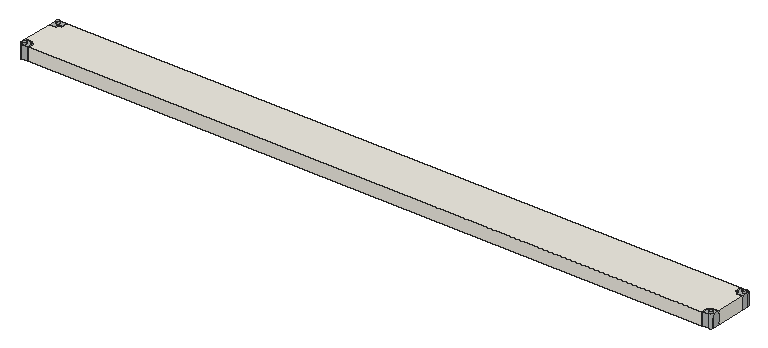
Revit family "HIGHTECH", category Осветительные приборы, Revit 2019 (continued)
Types (32, lengths in mm): name | Файл фотометрической сетки | built-in parameter 1150105 | Lumens | built-in parameter 1150106 | built-in parameter 1150142 | Wattage | Emit from Rectangle Width | Emit from Rectangle Length | Длина | Ширина | ADSK_Ток | ADSK_Полная мощность | ADSK_Обозначение | ADSK_Номинальная мощность | ADSK_Наименование | ADSK_Масса | ADSK_Код изделия
  Hightech-38/opal-sand 295х1195 (IP40, 4000К, белый) c БАП на 1 час | "Светильник HIGHTECH-38 OPAL-SAND-(295x1195).ies" | 302.39 (stored number, unit not read) | 3800 lm | 3.0239 (stored number, unit not read) | "IESNA:LM-63-1995\r\n[TEST] Протокол №334/16 от 03.11.2016г. Испытательная лаборатория Государственного предприятия \"ЦСОТ НАН Беларуси\"\r\n[MORE] FFFFFFFD255B12BA015C13F525FB5F2F2\r\n[DATA] 02.11.2016\r\n[MANUFAC] ЗАО \"Центрстройсвет\"\r\n[LUMCAT] Светильник HIGHTECH-38/OPAL-SAND-(295X1195)\r\n[LUMINAIRE] офисное освещение\r\n[LAMP] \r\nTILT=NONE\r\n1    -1.0   1.000 91 181 1 2   0.295   1.195   0.04\r\n1.0  1.0   37.90\r\n0.0 2.0 4.0 6.0 8.0 10.0 12.0 14.0 16.0 18.0 20.0 22.0 24.0 26.0 28.0 30.0 32.0 34.0 36.0 38.0 40.0 42.0 44.0 46.0 48.0 50.0 52.0 54.0 56.0 58.0 60.0 62.0 64.0 66.0 68.0 70.0 72.0 74.0 76.0 78.0 80.0 82.0 84.0 86.0 88.0 90.0 92.0 94.0 96.0 98.0 100.0 102.0 104.0 106.0 108.0 110.0 112.0 114.0 116.0 118.0 120.0 122.0 124.0 126.0 128.0 130.0 132.0 134.0 136.0 138.0 140.0 142.0 144.0 146.0 148.0 150.0 152.0 154.0 156.0 158.0 160.0 162.0 164.0 166.0 168.0 170.0 172.0 174.0 176.0 178.0 180.0 \r\n0.0 2.0 4.0 6.0 8.0 10.0 12.0 14.0 16.0 18.0 20.0 22.0 24.0 26.0 28.0 30.0 32.0 34.0 36.0 38.0 40.0 42.0 44.0 46.0 48.0 50.0 52.0 54.0 56.0 58.0 60.0 62.0 64.0 66.0 68.0 70.0 72.0 74.0 76.0 78.0 80.0 82.0 84.0 86.0 88.0 90.0 92.0 94.0 96.0 98.0 100.0 102.0 104.0 106.0 108.0 110.0 112.0 114.0 116.0 118.0 120.0 122.0 124.0 126.0 128.0 130.0 132.0 134.0 136.0 138.0 140.0 142.0 144.0 146.0 148.0 150.0 152.0 154.0 156.0 158.0 160.0 162.0 164.0 166.0 168.0 170.0 172.0 174.0 176.0 178.0 180.0 182.0 184.0 186.0 188.0 190.0 192.0 194.0 196.0 198.0 200.0 202.0 204.0 206.0 208.0 210.0 212.0 214.0 216.0 218.0 220.0 222.0 224.0 226.0 228.0 230.0 232.0 234.0 236.0 238.0 240.0 242.0 244.0 246.0 248.0 250.0 252.0 254.0 256.0 258.0 260.0 262.0 264.0 266.0 268.0 270.0 272.0 274.0 276.0 278.0 280.0 282.0 284.0 286.0 288.0 290.0 292.0 294.0 296.0 298.0 300.0 302.0 304.0 306.0 308.0 310.0 312.0 314.0 316.0 318.0 320.0 322.0 324.0 326.0 328.0 330.0 332.0 334.0 336.0 338.0 340.0 342.0 344.0 346.0 348.0 350.0 352.0 354.0 356.0 358.0 360.0 \r\n1417.637 1416.354 1411.816 1405.303 1395.733 1384.288 1370.276 1353.307 1334.658 1313.741 1290.456 1264.901 1237.669 1208.563 1177.582 1144.923 1111.476 1076.252 \r\n1039.646 1001.857 963.476 923.417 883.260 842.018 801.072 758.644 716.317 673.693 630.576 587.064 543.749 500.435 457.614 414.891 371.972 330.137 289.191 248.836 209.765 171.778 \r\n133.693 99.653 67.389 36.901 9.077 0.592 0.592 0.592 0.493 0.493 0.493 0.493 0.493 0.493 0.493 0.493 0.395 0.395 0.395 0.395 0.395 0.395 0.395 0.296 0.296 0.296 0.296 0.296 0.296 0.296 0.296 0.197 \r\n0.197 0.197 0.197 0.197 0.197 0.197 0.197 0.098 0.098 0.098 0.098 0.098 0.098 0.098 0.098 0.000 0.000 0.000 0.000 \r\n1417.637 1416.453 1411.914 1405.402 1395.930 1384.583 1370.671 1353.701 1335.053 1314.234 1290.850 1265.395 1238.261 1209.155 1178.075 1145.515 1112.067 1076.844 \r\n1040.239 1002.548 964.167 924.207 883.951 842.708 801.762 759.336 717.008 674.383 631.267 587.755 544.441 501.126 458.206 415.385 372.465 330.631 289.585 249.231 210.160 172.172 \r\n134.088 99.949 67.685 37.198 9.275 0.592 0.592 0.592 0.493 0.493 0.493 0.493 0.493 0.493 0.493 0.493 0.395 0.395 0.395 0.395 0.395 0.395 0.395 0.296 0.296 0.296 0.296 0.296 0.296 0.296 0.296 0.197 \r\n0.197 0.197 0.197 0.197 0.197 0.197 0.197 0.098 0.098 0.098 0.098 0.098 0.098 0.098 0.098 0.000 0.000 0.000 0.000 \r\n1417.637 1416.453 1412.013 1405.600 1396.226 1384.781 1370.968 1354.095 1335.448 1314.629 1291.344 1265.888 1238.754 1209.648 1178.667 1146.206 1112.758 1077.534 \r\n1040.929 1003.140 964.857 924.898 884.740 843.400 802.453 760.026 717.698 674.976 631.859 588.446 545.032 501.718 458.798 415.977 373.057 331.124 290.079 249.625 210.553 172.567 \r\n134.383 100.245 67.883 37.394 9.472 0.592 0.592 0.592 0.493 0.493 0.493 0.493 0.493 0.493 0.493 0.493 0.395 0.395 0.395 0.395 0.395 0.395 0.395 0.296 0.296 0.296 0.296 0.296 0.296 0.296 0.296 0.197 \r\n0.197 0.197 0.197 0.197 0.197 0.197 0.197 0.098 0.098 0.098 0.098 0.098 0.098 0.098 0.098 0.000 0.000 0.000 0.000 \r\n1417.637 1416.551 1412.111 1405.796 1396.423 1385.077 1371.264 1354.391 1335.842 1315.024 1291.837 1266.382 1239.248 1210.240 1179.259 1146.798 1113.350 1078.126 \r\n1041.620 1003.831 965.548 925.588 885.431 844.090 803.143 760.717 718.389 675.666 632.549 589.038 545.723 502.310 459.390 416.569 373.550 331.617 290.474 250.119 210.948 172.863 \r\n134.679 100.541 68.178 37.591 9.669 0.592 0.592 0.592 0.493 0.493 0.493 0.493 0.493 0.493 0.493 0.493 0.395 0.395 0.395 0.395 0.395 0.395 0.395 0.296 0.296 0.296 0.296 0.296 0.296 0.296 0.296 0.197 \r\n0.197 0.197 0.197 0.197 0.197 0.197 0.197 0.098 0.098 0.098 0.098 0.098 0.098 0.098 0.098 0.000 0.000 0.000 0.000 \r\n1417.637 1416.551 1412.309 1405.895 1396.621 1385.373 1371.559 1354.786 1336.237 1315.419 1292.232 1266.875 1239.742 1210.733 1179.851 1147.390 1113.942 1078.816 \r\n1042.310 1004.521 966.238 926.279 886.121 844.879 803.834 761.408 719.080 676.357 633.240 589.728 546.315 502.902 459.982 417.062 374.043 332.110 290.967 250.513 211.343 173.258 \r\n135.074 100.837 68.376 37.888 9.965 0.592 0.592 0.592 0.493 0.493 0.493 0.493 0.493 0.493 0.493 0.493 0.395 0.395 0.395 0.395 0.395 0.395 0.395 0.296 0.296 0.296 0.296 0.296 0.296 0.296 0.296 0.197 \r\n0.197 0.197 0.197 0.197 0.197 0.197 0.197 0.098 0.098 0.098 0.098 0.098 0.098 0.098 0.098 0.000 0.000 0.000 0.000 \r\n1417.637 1416.650 1412.407 1406.093 1396.917 1385.669 1371.954 1355.181 1336.632 1315.912 1292.725 1267.368 1240.334 1211.325 1180.443 1147.982 1114.633 1079.409 \r\n1042.903 1005.212 966.929 926.969 886.812 845.569 804.524 762.098 719.770 677.048 633.832 590.320 546.907 503.494 460.574 417.654 374.636 332.603 291.460 250.908 211.738 173.653 \r\n135.371 101.133 68.671 38.086 10.163 0.592 0.592 0.592 0.493 0.493 0.493 0.493 0.493 0.493 0.493 0.493 0.395 0.395 0.395 0.395 0.395 0.395 0.395 0.296 0.296 0.296 0.296 0.296 0.296 0.296 0.296 0.197 \r\n0.197 0.197 0.197 0.197 0.197 0.197 0.197 0.098 0.098 0.098 0.098 0.098 0.098 0.098 0.098 0.000 0.000 0.000 0.000 \r\n1417.637 1416.650 1412.506 1406.191 1397.114 1385.866 1372.250 1355.576 1337.027 1316.307 1293.218 1267.861 1240.827 1211.918 1181.035 1148.672 1115.225 1080.099 \r\n1043.593 1005.902 967.620 927.660 887.503 846.260 805.215 762.789 720.461 677.739 634.523 591.011 547.598 504.086 461.166 418.247 375.129 333.098 291.855 251.401 212.132 173.948 \r\n135.666 101.429 68.968 38.381 10.360 0.592 0.592 0.592 0.493 0.493 0.493 0.493 0.493 0.493 0.493 0.493 0.395 0.395 0.395 0.395 0.395 0.395 0.395 0.296 0.296 0.296 0.296 0.296 0.296 0.296 0.296 0.197 \r\n0.197 0.197 0.197 0.197 0.197 0.197 0.197 0.098 0.098 0.098 0.098 0.098 0.098 0.098 0.098 0.000 0.000 0.000 0.000 \r\n1417.637 1416.650 1412.604 1406.389 1397.311 1386.162 1372.546 1355.871 1337.421 1316.701 1293.613 1268.355 1241.320 1212.411 1181.627 1149.265 1115.816 1080.691 \r\n1044.284 1006.593 968.212 928.351 888.194 846.951 805.906 763.479 721.151 678.429 635.213 591.702 548.190 504.777 461.758 418.740 375.721 333.591 292.348 251.796 212.527 174.343 \r\n135.962 101.627 69.165 38.579 10.557 0.592 0.592 0.592 0.493 0.493 0.493 0.493 0.493 0.493 0.493 0.395 0.395 0.395 0.395 0.395 0.395 0.395 0.395 0.296 0.296 0.296 0.296 0.296 0.296 0.296 0.296 0.197 \r\n0.197 0.197 0.197 0.197 0.197 0.197 0.197 0.098 0.098 0.098 0.098 0.098 0.098 0.098 0.098 0.000 0.000 0.000 0.000 \r\n1417.637 1416.749 1412.704 1406.586 1397.607 1386.458 1372.941 1356.266 1337.815 1317.095 1294.106 1268.848 1241.813 1213.003 1182.219 1149.856 1116.409 1081.382 \r\n1044.876 1007.283 968.902 929.042 888.885 847.642 806.597 764.170 721.843 679.120 635.806 592.293 548.881 505.368 462.351 419.332 376.214 334.084 292.841 252.191 212.922 174.738 \r\n136.357 101.922 69.461 38.776 10.853 0.592 0.592 0.592 0.493 0.493 0.493 0.493 0.493 0.493 0.493 0.395 0.395 0.395 0.395 0.395 0.395 0.395 0.395 0.296 0.296 0.296 0.296 0.296 0.296 0.296 0.296 0.197 \r\n0.197 0.197 0.197 0.197 0.197 0.197 0.197 0.098 0.098 0.098 0.098 0.098 0.098 0.098 0.098 0.000 0.000 0.000 0.000 \r\n1417.637 1416.749 1412.802 1406.684 1397.805 1386.754 1373.237 1356.661 1338.210 1317.589 1294.599 1269.341 1242.406 1213.496 1182.811 1150.448 1117.099 1081.974 \r\n1045.566 1007.974 969.593 929.732 889.575 848.333 807.287 764.861 722.533 679.712 636.496 592.985 549.472 505.960 462.942 419.825 376.707 334.577 293.236 252.684 213.317 175.034 \r\n136.652 102.218 69.659 39.072 11.051 0.592 0.592 0.592 0.493 0.493 0.493 0.493 0.493 0.493 0.493 0.395 0.395 0.395 0.395 0.395 0.395 0.395 0.395 0.296 0.296 0.296 0.296 0.296 0.296 0.296 0.296 0.197 \r\n0.197 0.197 0.197 0.197 0.197 0.197 0.197 0.098 0.098 0.098 0.098 0.098 0.098 0.098 0.098 0.000 0.000 0.000 0.000 \r\n1417.637 1416.848 1412.901 1406.882 1398.002 1387.051 1373.533 1356.957 1338.605 1317.983 1294.994 1269.834 1242.899 1214.089 1183.403 1151.041 1117.692 1082.665 \r\n1046.257 1008.566 970.284 930.423 890.266 849.121 807.978 765.552 723.224 680.403 637.187 593.675 550.163 506.553 463.534 420.416 377.300 335.071 293.729 253.079 213.712 175.429 \r\n136.949 102.515 69.954 39.269 11.248 0.592 0.592 0.592 0.493 0.493 0.493 0.493 0.493 0.493 0.493 0.395 0.395 0.395 0.395 0.395 0.395 0.395 0.395 0.296 0.296 0.296 0.296 0.296 0.296 0.296 0.296 0.197 \r\n0.197 0.197 0.197 0.197 0.197 0.197 0.197 0.098 0.098 0.098 0.098 0.098 0.098 0.098 0.098 0.000 0.000 0.000 0.000 \r\n1417.637 1416.848 1412.999 1407.079 1398.298 1387.247 1373.829 1357.352 1339.000 1318.378 1295.488 1270.327 1243.392 1214.680 1183.995 1151.731 1118.283 1083.257 \r\n1046.849 1009.257 970.975 931.113 891.055 849.813 808.668 766.242 723.914 681.093 637.779 594.266 550.755 507.145 464.126 421.009 377.793 335.564 294.222 253.474 214.105 175.823 \r\n137.343 102.810 70.250 39.467 11.445 0.592 0.592 0.592 0.493 0.493 0.493 0.493 0.493 0.493 0.493 0.395 0.395 0.395 0.395 0.395 0.395 0.395 0.395 0.296 0.296 0.296 0.296 0.296 0.296 0.296 0.296 0.197 \r\n0.197 0.197 0.197 0.197 0.197 0.197 0.197 0.098 0.098 0.098 0.098 0.098 0.098 0.098 0.098 0.000 0.000 0.000 0.000 \r\n1417.637 1416.946 1413.098 1407.178 1398.495 1387.544 1374.223 1357.747 1339.395 1318.773 1295.882 1270.822 1243.886 1215.174 1184.587 1152.323 1118.974 1083.848 \r\n1047.540 1009.947 971.665 931.903 891.746 850.503 809.359 766.933 724.507 681.784 638.470 594.958 551.445 507.836 464.718 421.502 378.287 336.057 294.617 253.967 214.500 176.119 \r\n137.640 103.106 70.447 39.762 11.741 0.592 0.592 0.592 0.493 0.493 0.493 0.493 0.493 0.493 0.493 0.395 0.395 0.395 0.395 0.395 0.395 0.395 0.395 0.296 0.296 0.296 0.296 0.296 0.296 0.296 0.296 0.197 \r\n0.197 0.197 0.197 0.197 0.197 0.197 0.197 0.098 0.098 0.098 0.098 0.098 0.098 0.098 0.098 0.000 0.000 0.000 0.000 \r\n1417.637 1416.946 1413.197 1407.376 1398.693 1387.839 1374.520 1358.042 1339.789 1319.168 1296.376 1271.315 1244.477 1215.765 1185.179 1152.915 1119.566 1084.539 \r\n1048.230 1010.638 972.356 932.594 892.436 851.194 810.050 767.623 725.197 682.474 639.160 595.649 552.038 508.427 465.310 422.094 378.878 336.550 295.111 254.362 214.895 176.514 \r\n137.935 103.403 70.744 39.960 11.939 0.592 0.592 0.592 0.493 0.493 0.493 0.493 0.493 0.493 0.493 0.395 0.395 0.395 0.395 0.395 0.395 0.395 0.395 0.296 0.296 0.296 0.296 0.296 0.296 0.296 0.296 0.197 \r\n0.197 0.197 0.197 0.197 0.197 0.197 0.197 0.098 0.098 0.098 0.098 0.098 0.098 0.098 0.098 0.000 0.000 0.000 0.000 \r\n1417.637 1417.044 1413.295 1407.474 1398.890 1388.135 1374.815 1358.437 1340.184 1319.661 1296.869 1271.808 1244.971 1216.258 1185.673 1153.507 1120.158 1085.131 \r\n1048.823 1011.329 973.046 933.284 893.127 851.884 810.741 768.314 725.888 683.165 639.752 596.240 552.728 509.019 465.902 422.686 379.371 337.044 295.505 254.757 215.388 176.909 \r\n138.232 103.698 70.942 40.157 12.136 0.592 0.592 0.592 0.493 0.493 0.493 0.493 0.493 0.493 0.493 0.395 0.395 0.395 0.395 0.395 0.395 0.395 0.395 0.296 0.296 0.296 0.296 0.296 0.296 0.296 0.296 0.197 \r\n0.197 0.197 0.197 0.197 0.197 0.197 0.197 0.098 0.098 0.098 0.098 0.098 0.098 0.098 0.098 0.000 0.000 0.000 0.000 \r\n1417.637 1417.044 1413.394 1407.671 1399.187 1388.333 1375.111 1358.832 1340.578 1320.056 1297.264 1272.301 1245.464 1216.851 1186.264 1154.099 1120.849 1085.822 \r\n1049.513 1012.020 973.737 933.975 893.818 852.575 811.432 769.004 726.578 683.855 640.443 596.930 553.321 509.611 466.494 423.180 379.964 337.537 295.999 255.250 215.783 177.304 \r\n138.626 103.994 71.237 40.453 12.333 0.592 0.592 0.592 0.493 0.493 0.493 0.493 0.493 0.493 0.493 0.395 0.395 0.395 0.395 0.395 0.395 0.395 0.395 0.296 0.296 0.296 0.296 0.296 0.296 0.296 0.296 0.197 \r\n0.197 0.197 0.197 0.197 0.197 0.197 0.197 0.098 0.098 0.098 0.098 0.098 0.098 0.098 0.098 0.000 0.000 0.000 0.000 \r\n1417.637 1417.143 1413.492 1407.869 1399.383 1388.629 1375.506 1359.226 1340.973 1320.451 1297.757 1272.795 1246.056 1217.443 1186.856 1154.790 1121.441 1086.414 \r\n1050.204 1012.711 974.428 934.665 894.508 853.365 812.122 769.695 727.269 684.448 641.134 597.523 554.011 510.203 467.086 423.772 380.457 338.031 296.492 255.645 216.178 177.599 \r\n138.922 104.291 71.533 40.650 12.629 0.592 0.592 0.592 0.493 0.493 0.493 0.493 0.493 0.493 0.493 0.395 0.395 0.395 0.395 0.395 0.395 0.395 0.395 0.296 0.296 0.296 0.296 0.296 0.296 0.296 0.296 0.197 \r\n0.197 0.197 0.197 0.197 0.197 0.197 0.197 0.098 0.098 0.098 0.098 0.098 0.098 0.098 0.098 0.000 0.000 0.000 0.000 \r\n1417.637 1417.143 1413.592 1407.967 1399.580 1388.925 1375.803 1359.523 1341.367 1320.845 1298.250 1273.288 1246.550 1217.936 1187.448 1155.382 1122.032 1087.105 \r\n1050.894 1013.401 975.119 935.356 895.199 854.055 812.813 770.386 727.959 685.138 641.725 598.213 554.603 510.795 467.678 424.265 380.951 338.524 296.887 256.038 216.573 177.994 \r\n139.218 104.586 71.730 40.848 12.826 0.592 0.592 0.493 0.493 0.493 0.493 0.493 0.493 0.493 0.493 0.395 0.395 0.395 0.395 0.395 0.395 0.395 0.395 0.296 0.296 0.296 0.296 0.296 0.296 0.296 0.296 0.197 \r\n0.197 0.197 0.197 0.197 0.197 0.197 0.197 0.098 0.098 0.098 0.098 0.098 0.098 0.098 0.098 0.000 0.000 0.000 0.000 \r\n1417.637 1417.242 1413.690 1408.165 1399.877 1389.220 1376.098 1359.917 1341.762 1321.339 1298.645 1273.781 1247.043 1218.528 1188.041 1155.974 1122.723 1087.697 \r\n1051.487 1013.993 975.810 936.046 895.889 854.746 813.503 771.077 728.650 685.829 642.416 598.904 555.294 511.486 468.270 424.857 381.542 339.018 297.380 256.533 216.967 178.389 \r\n139.613 104.882 72.026 41.143 13.024 0.592 0.592 0.493 0.493 0.493 0.493 0.493 0.493 0.493 0.493 0.395 0.395 0.395 0.395 0.395 0.395 0.395 0.395 0.296 0.296 0.296 0.296 0.296 0.296 0.296 0.296 0.197 \r\n0.197 0.197 0.197 0.197 0.197 0.197 0.197 0.098 0.098 0.098 0.098 0.098 0.098 0.098 0.098 0.000 0.000 0.000 0.000 \r\n1417.637 1417.242 1413.789 1408.362 1400.075 1389.517 1376.394 1360.311 1342.157 1321.733 1299.138 1274.274 1247.536 1219.022 1188.632 1156.566 1123.315 1088.388 \r\n1052.177 1014.684 976.500 936.738 896.581 855.436 814.194 771.768 729.341 686.519 643.107 599.496 555.885 512.078 468.862 425.449 382.035 339.511 297.873 256.926 217.362 178.685 \r\n139.909 105.079 72.223 41.341 13.221 0.592 0.592 0.493 0.493 0.493 0.493 0.493 0.493 0.493 0.493 0.395 0.395 0.395 0.395 0.395 0.395 0.395 0.395 0.296 0.296 0.296 0.296 0.296 0.296 0.296 0.296 0.197 \r\n0.197 0.197 0.197 0.197 0.197 0.197 0.197 0.098 0.098 0.098 0.098 0.098 0.098 0.098 0.098 0.000 0.000 0.000 0.000 \r\n1417.637 1417.341 1413.986 1408.461 1400.271 1389.715 1376.789 1360.608 1342.552 1322.128 1299.632 1274.768 1248.128 1219.614 1189.224 1157.256 1123.907 1088.980 \r\n1052.868 1015.374 977.191 937.428 897.369 856.127 814.884 772.458 730.032 687.211 643.698 600.187 556.577 512.670 469.454 425.942 382.529 340.004 298.268 257.321 217.756 179.080 \r\n140.204 105.376 72.520 41.538 13.517 0.592 0.592 0.493 0.493 0.493 0.493 0.493 0.493 0
